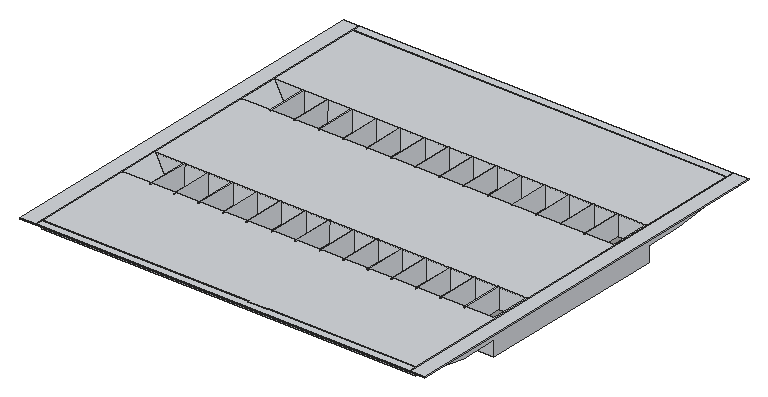
Revit family "0052601 Sylvania Lighting Fixture RANA NEO 3500LM REC 625x625 840 DALI 2L WHITE", category Lighting Fixtures, host Face, Revit 2016
Family settings
  Host = Face
  Part Type = Normal
  Round Connector Dimension = Use Diameter
  OmniClass Number = 23.80.70.00
  OmniClass Title = Lighting
  Cut with Voids When Loaded = No
  Light Source = Yes
  Shared = No
  Room Calculation Point = No
Parameters (values of type "0052601 RANA NEO 3500LM R 625 840 DALI 2L WHT")
  fin7 = 37 mm
  fin3 = 332 mm
  fin2 [instance] = 368 mm
  fin 6 = 110 mm
  fin 5 = 185 mm
  fin 4 = 258 mm
  fin 3 [instance] = 318 mm
  fin 2 = 407 mm
  fin 1 = 480 mm
  cut-out2 = 618 mm
  cut-out = 618 mm
  Width_SYL = if([600x600_SYL], 595 mm, if([625x625_SYL], 620 mm, if([1200_SYL], 296 mm, 306 mm)))  # 595 mm
  Width = 618 mm
  Weight = "n/a"
  Wattage Comments = ""
  Wattage = 193.079 W
  WarrantyStartDate [instance] = "n/a"
  WarrantyGuarantorParts = "n/a"
  WarrantyDurationUnit = "n/a"
  WarrantyDurationParts = ""
  WarrantyDescription = "http://www.sylvania-lighting.com"
  built-in parameter 1150110 = 1 (stored number, unit not read)
  Voltage = 0 V
  URL = "0.96"
  TypeName = "RANA NEO 3500LM REC 625x625 840 DALI 2L WHITE"
  Type Image = <None>
  Type Comments = "n/a"
  built-in parameter 1114217 = 1 (stored number, unit not read)
  TopWidth_SYL = if([600x600_SYL], 295 mm, if([625x625_SYL], 295 mm, if([1200_SYL], 165 mm, 165 mm)))  # 295 mm
  Tilt Angle = -90.00°
  built-in parameter 1150109 = 1 (stored number, unit not read)
  built-in parameter 1150134 = (empty or 0)
  built-in parameter 1150113 = 1 (stored number, unit not read)
  SlopeTopWidth_SYL = if([600x600_SYL], 410 mm, if([625x625_SYL], 410 mm, if([1200_SYL], 168 mm, 168 mm)))  # 410 mm
  SlopeBottomWidth_SYL = if([600x600_SYL], 593 mm, if([625x625_SYL], 593 mm, if([1200_SYL], 244 mm, 244 mm)))  # 593 mm
  SlopeHeight_SYL = if([600x600_SYL], 17 mm, if([625x625_SYL], 17 mm, if([1200_SYL], 40 mm, 40 mm)))  # 17 mm
  SerialNumber [instance] = "n/a"
  ReflectorNumber_SYL = if([1Ref_SYL], 2, if([2Ref_SYL], 2, 3))  # 2
  ReflectorLength_SYL = Length_SYL - Inset_SYL * 2 - 5 mm  # 550 mm
  ReflectorInset_SYL = if([1Ref_SYL], 82.4 mm, if([2Ref_SYL], 30 mm, 30 mm))  # 30 mm
  Photometric Web File = "0052601.ies"
  Material_3_SYL = none
  PowerFactor = 0.95
  PowerConsumption = "Lighting"
  NominalLength = 620 mm
  NominalHeight = 60 mm
  NominalDepth = 595 mm
  Name = "RANA NEO 3500LM REC 625x625 840 DALI 2L WHITE"
  ModelReference = Name  # "RANA NEO 3500LM REC 625x625 840 DALI 2L WHITE"
  ModelNumber = "0052601"
  Model = Name  # "RANA NEO 3500LM REC 625x625 840 DALI 2L WHITE"
  Material = "Feilo Sylvania"
  ManufacturerName = "113 lm/W"
  Manufacturer = ""
  LuminousEfficacy = ""
  built-in parameter 1150105 = 1536.5 (stored number, unit not read)
  Lumens = 19307.9 lm
  LuminaireType = "0"
  built-in parameter 1150115 = 1 (stored number, unit not read)
  LouverNumber_SYL = if([600x600_SYL], 14, if([625x625_SYL], 14, if([1200_SYL], 28, 28)))  # 14
  LightOutputRatio = "LED"
  built-in parameter 1150137 = (empty or 0)
  built-in parameter 1150139 = (empty or 0)
  Length_SYL = if([600x600_SYL], 595 mm, if([625x625_SYL], 620 mm, if([1200_SYL], 1196 mm, 1246 mm)))  # 595 mm
  Length = 618 mm
  LampsType = Lamp  # "n/a"
  LampNominalLuminous = "4000 K"
  LampMacAdamStep = "80"
  LampColourTemperature = "LED"
  LampColourRenderingIndex = "16500"
  built-in parameter 1150112 = 1 (stored number, unit not read)
  built-in parameter 1150114 = 1 (stored number, unit not read)
  Lamp = "n/a"
  LED position [instance] = 410 mm
  LED inside width = 165 mm
  LED inner void = 521.5 mm
  LED Width = 290 mm
  LED Length = 568 mm
  Keynote = "n/a"
  InstallationDate [instance] = "n/a"
  Inset_SYL = 20 mm  # constant formula
  InputVoltage = "0"
  InputNominalFrequency = "4000"
  built-in parameter 1150132 = (empty or 0)
  built-in parameter 1150102 = (empty or 0)
  built-in parameter 1150107 = 3000 (stored number, unit not read)
  built-in parameter 1150138 = (empty or 0)
  IngressProtection = "IfcLightFixtureType"
  ImpactProtectionIndex = "IfcLightFixtureType"
  built-in parameter 1150106 = 15.365 (stored number, unit not read)
  IfcExportType = "IfcLightFixtureType"
  IfcExportAs = "Class I"
  Height = 52 mm
  Emit from Rectangle Width = if([1Ref_SYL], 48 mm, TopWidth_SYL - 13 mm)  # 282 mm
  Emit from Rectangle Length = ReflectorLength_SYL - 8 mm  # 542 mm
  Emit Shape Visible in Rendering = no
  ElectricShockClassification = "113"
  built-in parameter 1150104 = 9.2903 (stored number, unit not read)
  DocumentationLiterature = "http://www.sylvania-lighting.com/product/en-int/products/0052601"
  DimmingControlOptions = "n/a"
  Material_2_SYL = none
  Dimming Lamp Color Temperature Shift = <None>
  Description = "-"
  Default Elevation = 1219.2 mm
  CreatedOn = "25/11/2019"
  CreatedBy = "@sylvania-lighting.com"
  Cost = 0
  Color Filter = 16777215
  built-in parameter 1114216 [instance] = (empty or 0)
  ClassificationValue = "EF_70_80"
  ClassificationName = "Uniclass2015"
  Material_1_SYL = none
  BarCode [instance] = "n/a"
  built-in parameter 1114218 = 1 (stored number, unit not read)
  built-in parameter 1150133 = 10 (stored number, unit not read)
  AssetType = "Fixed"
  AssetIdentifier [instance] = "n/a"
  Assembly Code = "D5020200"
  Apparent Load = 31 VA
  Material_4_SYL = none
  625x625_SYL = no
  600x600_SYL = yes
  2Ref_SYL = yes
  1Ref_SYL = no
  1200_SYL = no
Reference planes
  plane 1 "Center (Front/Back)": y = 0
  plane 2: z = 0
  plane 3 "Center (Left/Right)": x = 0
  plane 4: x = 60
  plane 5: x = 30
  plane 6: y = 297.5
  plane 7: y = -297.5
  plane 8: z = -120
  plane 9: z = -3
  plane 10: z = -12
  plane 11: z = -29
  plane 12: z = -52
  plane 13: y = -296.5
  plane 14: y = 296.5
  plane 15: y = 145
  plane 16: y = -145
  plane 17: y = 82.5
  plane 18: y = -82.5
  plane 19: x = -284
  plane 20: x = 284
  plane 21: y = 141
  plane 22: y = 86.5
  plane 23: x = -264
  plane 24: x = 257.5
  plane 25: x = -286
  plane 26: x = 286
  plane 27: y = -86.5
  plane 28: y = -141
  plane 29: x = 18.5
  plane 30: x = -18.5
  plane 31: x = 55
  plane 32: x = -55
  plane 33: x = 92.5
  plane 34: x = -92.5
  plane 35: x = 129
  plane 36: x = -129
  plane 37: x = 166
  plane 38: x = -166
  plane 39: x = -203.5
  plane 40: x = 203.5
  plane 41: x = -240
  plane 42: x = 240
  plane 43: x = 169.5
  plane 44: x = 162.5
  plane 45: x = 166.5
  plane 46: x = 165.5
  plane 47: x = 309
  plane 48: x = -309
  plane 49: y = 309
  plane 50: y = -309
  plane 51: x = 309
  plane 52: x = -309
  plane 53: y = 309
  plane 54: y = -309
Forms (mm)
  Extrusion 1, void
    sketch origin (0, 0, 0) x (1, 0, 0) y (0, 1, 0)
      loop
        line (-309, 309) -> (-309, -309) -> (309, -309) -> (309, 309) -> (-309, 309)
    from -120 to 97.685
  Extrusion 2, solid, detail levels medium+fine
    sketch origin (0, 0, 0) x (0, 1, 0) y (0, 0, 1)
      loop
        line (-296.5, 0) -> (-296.5, -12) -> (-205, -29) -> (-147.5, -29) -> (-147.5, -52) -> (147.5, -52) -> (147.5, -29) -> (205, -29) -> (296.5, -17.514) -> (296.5, 0) -> (-296.5, 0)
    from -286 to 286
  Extrusion 3, solid, detail levels medium+fine
    sketch origin (275, 1524, 1219.2) x (0, 1, 0) y (0, 0, 1)
      loop
        line (-1226.5, -1222.2) -> (-1226.5, -1219.2) -> (-1820.5, -1219.2) -> (-1820.5, -1222.2) -> (-1226.5, -1222.2)
    from 11 to -215
  Extrusion 4, solid, detail levels medium+fine
    sketch origin (-275, 1524, 1219.2) x (0, 1, 0) y (0, 0, 1)
      loop
        line (-1820.5, -1222.2) -> (-1227.5, -1222.2) -> (-1227.5, -1219.2) -> (-1820.5, -1219.2) -> (-1820.5, -1222.2)
    from -11 to 305
  Extrusion 5, solid, detail levels medium+fine
    sketch origin (0, 0, 0) x (0, 1, 0) y (0, 0, 1)
      loop
        line (-297.5, 0) -> (-297.5, -3) -> (-296.5, -3) -> (-296.5, 0) -> (-297.5, 0)
      loop
        line (297.5, -3) -> (297.5, 0) -> (296.5, 0) -> (296.5, -3) -> (297.5, -3)
    from 30 to 60
  Blend 6, void
    base sketch origin (0, 0, 0) x (1, 0, 0) y (0, 1, 0)
      loop
        line (-284, 145) -> (-284, 82.5) -> (284, 82.5) -> (284, 145) -> (-284, 145)
    top sketch origin (0, 0, 0) x (1, 0, 0) y (0, 1, 0)
      loop
        line (-264, 141) -> (-264, 86.5) -> (257.5, 86.5) -> (257.5, 141) -> (-264, 141)
    from 0 to -29
  Blend 7, void
    base sketch origin (0, 0, 0) x (1, 0, 0) y (0, 1, 0)
      loop
        line (-284, -82.5) -> (-284, -145) -> (284, -145) -> (284, -82.5) -> (-284, -82.5)
    top sketch origin (0, 0, 0) x (1, 0, 0) y (0, 1, 0)
      loop
        line (257.5, -86.5) -> (-264, -86.5) -> (-264, -141) -> (257.5, -141) -> (257.5, -86.5)
    from 0 to -29
  Extrusion 8, solid, detail levels fine
    sketch origin (0, 0, 0) x (1, 0, 0) y (0, 0, 1)
      loop
        line (162.5, -29) -> (169.5, -29) -> (166.5, 0) -> (165.5, 0) -> (162.5, -29)
    from -145 to -82.5
  Extrusion 9, solid, detail levels fine
    sketch origin (37.5, 0, 0) x (1, 0, 0) y (0, 0, 1)
      loop
        line (162.5, -29) -> (169.5, -29) -> (166.5, 0) -> (165.5, 0) -> (162.5, -29)
    from -145 to -82.5
  Extrusion 10, solid, detail levels fine
    sketch origin (74, 0, 0) x (1, 0, 0) y (0, 0, 1)
      loop
        line (162.5, -29) -> (169.5, -29) -> (166.5, 0) -> (165.5, 0) -> (162.5, -29)
    from -145 to -82.5
  Extrusion 11, solid, detail levels fine
    sketch origin (-37, 0, 0) x (1, 0, 0) y (0, 0, 1)
      loop
        line (162.5, -29) -> (169.5, -29) -> (166.5, 0) -> (165.5, 0) -> (162.5, -29)
    from -145 to -82.5
  Extrusion 12, solid, detail levels fine
    sketch origin (-73.5, 0, 0) x (1, 0, 0) y (0, 0, 1)
      loop
        line (162.5, -29) -> (169.5, -29) -> (166.5, 0) -> (165.5, 0) -> (162.5, -29)
    from -145 to -82.5
  Extrusion 13, solid, detail levels fine
    sketch origin (-111, 0, 0) x (1, 0, 0) y (0, 0, 1)
      loop
        line (162.5, -29) -> (169.5, -29) -> (166.5, 0) -> (165.5, 0) -> (162.5, -29)
    from -145 to -82.5
  Extrusion 14, solid, detail levels fine
    sketch origin (-147.5, 0, 0) x (1, 0, 0) y (0, 0, 1)
      loop
        line (162.5, -29) -> (169.5, -29) -> (166.5, 0) -> (165.5, 0) -> (162.5, -29)
    from -145 to -82.5
  Extrusion 15, solid, detail levels fine
    sketch origin (-184.5, 0, 0) x (1, 0, 0) y (0, 0, 1)
      loop
        line (162.5, -29) -> (169.5, -29) -> (166.5, 0) -> (165.5, 0) -> (162.5, -29)
    from -145 to -82.5
  Extrusion 16, solid, detail levels fine
    sketch origin (-221, 0, 0) x (1, 0, 0) y (0, 0, 1)
      loop
        line (162.5, -29) -> (169.5, -29) -> (166.5, 0) -> (165.5, 0) -> (162.5, -29)
    from -145 to -82.5
  Extrusion 17, solid, detail levels fine
    sketch origin (-258.5, 0, 0) x (1, 0, 0) y (0, 0, 1)
      loop
        line (162.5, -29) -> (169.5, -29) -> (166.5, 0) -> (165.5, 0) -> (162.5, -29)
    from -145 to -82.5
  Extrusion 18, solid, detail levels fine
    sketch origin (-295, 0, 0) x (1, 0, 0) y (0, 0, 1)
      loop
        line (162.5, -29) -> (169.5, -29) -> (166.5, 0) -> (165.5, 0) -> (162.5, -29)
    from -145 to -82.5
  Extrusion 19, solid, detail levels fine
    sketch origin (-332, 0, 0) x (1, 0, 0) y (0, 0, 1)
      loop
        line (162.5, -29) -> (169.5, -29) -> (166.5, 0) -> (165.5, 0) -> (162.5, -29)
    from -145 to -82.5
  Extrusion 20, solid, detail levels fine
    sketch origin (-369.5, 0, 0) x (1, 0, 0) y (0, 0, 1)
      loop
        line (162.5, -29) -> (169.5, -29) -> (166.5, 0) -> (165.5, 0) -> (162.5, -29)
    from -145 to -82.5
  Extrusion 21, solid, detail levels fine
    sketch origin (-406, 0, 0) x (1, 0, 0) y (0, 0, 1)
      loop
        line (162.5, -29) -> (169.5, -29) -> (166.5, 0) -> (165.5, 0) -> (162.5, -29)
    from -145 to -82.5
  Extrusion 22, solid, detail levels fine
    sketch origin (-406.072, 0, -0.017) x (1, 0, 0) y (0, 0, 1)
      loop
        line (162.5, -29) -> (169.5, -29) -> (166.5, 0) -> (165.5, 0) -> (162.5, -29)
    from 82.5 to 147.5
  Extrusion 23, solid, detail levels fine
    sketch origin (-369.572, 0, -0.017) x (1, 0, 0) y (0, 0, 1)
      loop
        line (162.5, -29) -> (169.5, -29) -> (166.5, 0) -> (165.5, 0) -> (162.5, -29)
    from 82.5 to 147.5
  Extrusion 24, solid, detail levels fine
    sketch origin (-331.998, 0, -0.017) x (1, 0, 0) y (0, 0, 1)
      loop
        line (162.5, -29) -> (169.5, -29) -> (166.5, 0) -> (165.5, 0) -> (162.5, -29)
    from 82.5 to 147.5
  Extrusion 25, solid, detail levels fine
    sketch origin (-294.998, 0, -0.017) x (1, 0, 0) y (0, 0, 1)
      loop
        line (162.5, -29) -> (169.5, -29) -> (166.5, 0) -> (165.5, 0) -> (162.5, -29)
    from 82.5 to 147.5
  Extrusion 26, solid, detail levels fine
    sketch origin (-258.498, 0, -0.017) x (1, 0, 0) y (0, 0, 1)
      loop
        line (162.5, -29) -> (169.5, -29) -> (166.5, 0) -> (165.5, 0) -> (162.5, -29)
    from 82.5 to 147.5
  Extrusion 27, solid, detail levels fine
    sketch origin (-221, 0, -0.017) x (1, 0, 0) y (0, 0, 1)
      loop
        line (162.5, -29) -> (169.5, -29) -> (166.5, 0) -> (165.5, 0) -> (162.5, -29)
    from 82.5 to 147.5
  Extrusion 28, solid, detail levels fine
    sketch origin (-184.5, 0, -0.017) x (1, 0, 0) y (0, 0, 1)
      loop
        line (162.5, -29) -> (169.5, -29) -> (166.5, 0) -> (165.5, 0) -> (162.5, -29)
    from 82.5 to 147.5
  Extrusion 29, solid, detail levels fine
    sketch origin (-147.5, 0, -0.017) x (1, 0, 0) y (0, 0, 1)
      loop
        line (162.5, -29) -> (169.5, -29) -> (166.5, 0) -> (165.5, 0) -> (162.5, -29)
    from 82.5 to 147.5
  Extrusion 30, solid, detail levels fine
    sketch origin (-111, 0, -0.017) x (1, 0, 0) y (0, 0, 1)
      loop
        line (162.5, -29) -> (169.5, -29) -> (166.5, 0) -> (165.5, 0) -> (162.5, -29)
    from 82.5 to 147.5
  Extrusion 31, solid, detail levels fine
    sketch origin (-73.5, 0, -0.017) x (1, 0, 0) y (0, 0, 1)
      loop
        line (162.5, -29) -> (169.5, -29) -> (166.5, 0) -> (165.5, 0) -> (162.5, -29)
    from 82.5 to 147.5
  Extrusion 32, solid, detail levels fine
    sketch origin (-37, 0, -0.017) x (1, 0, 0) y (0, 0, 1)
      loop
        line (162.5, -29) -> (169.5, -29) -> (166.5, 0) -> (165.5, 0) -> (162.5, -29)
    from 82.5 to 147.5
  Extrusion 33, solid, detail levels fine
    sketch origin (0, 0, -0.017) x (1, 0, 0) y (0, 0, 1)
      loop
        line (162.5, -29) -> (169.5, -29) -> (166.5, 0) -> (165.5, 0) -> (162.5, -29)
    from 82.5 to 147.5
  Extrusion 34, solid, detail levels fine
    sketch origin (37.5, 0, -0.017) x (1, 0, 0) y (0, 0, 1)
      loop
        line (162.5, -29) -> (169.5, -29) -> (166.5, 0) -> (165.5, 0) -> (162.5, -29)
    from 82.5 to 147.5
  Extrusion 35, solid, detail levels fine
    sketch origin (74, 0, -0.017) x (1, 0, 0) y (0, 0, 1)
      loop
        line (162.5, -29) -> (169.5, -29) -> (166.5, 0) -> (165.5, 0) -> (162.5, -29)
    from 82.5 to 147.5
  Extrusion 36, solid, material "Glass, White, High Luminance", detail levels fine
    sketch origin (0, 0, 0) x (1, 0, 0) y (0, 1, 0)
      loop
        line (-264, 141) -> (-264, 86.5) -> (257.5, 86.5) -> (257.5, 141) -> (-264, 141)
    from -29 to -28
  Extrusion 37, solid, material "Glass, White, High Luminance", detail levels fine
    sketch origin (0, 0, 0) x (1, 0, 0) y (0, 1, 0)
      loop
        line (-264, -86.5) -> (-264, -141) -> (257.5, -141) -> (257.5, -86.5) -> (-264, -86.5)
    from -29 to -28
  Extrusion 38, solid, detail levels coarse
    sketch origin (0, 0, 0) x (1, 0, 0) y (0, 1, 0)
      loop
        line (-309, 309) -> (-309, -309) -> (309, -309) -> (309, 309) -> (-309, 309)
    from -52 to 0
  Extrusion 39, solid, detail levels medium+fine
    sketch origin (0, 0, 0) x (1, 0, 0) y (0, 1, 0)
      loop
        line (-309, 309) -> (-309, -309) -> (-286, -309) -> (-286, 309) -> (-309, 309)
    from -1.177 to 0.023
  Extrusion 40, solid, detail levels medium+fine
    sketch origin (0, 0, 0) x (1, 0, 0) y (0, 1, 0)
      loop
        line (309, 309) -> (286, 309) -> (286, -309) -> (309, -309) -> (309, 309)
    from 0 to -1.2
  Extrusion 41, solid, detail levels medium+fine
    sketch origin (0, 1219.2, 38) x (1, 0, 0) y (0, 1, 0)
      loop
        line (286, -1528.2) -> (286, -1515.7) -> (-286, -1515.7) -> (-286, -1528.2) -> (286, -1528.2)
    from -39.177 to -38
  Extrusion 42, solid, detail levels medium+fine
    sketch origin (0, 1219.2, 38) x (1, 0, 0) y (0, 1, 0)
      loop
        line (-286, -910.2) -> (-286, -922.7) -> (286, -922.7) -> (286, -910.2) -> (-286, -910.2)
    from -39.177 to -38
Cuts and joins
  Blend 6, Blend 7 cuts Extrusion 2
  Blend 6, Blend 7 cuts Extrusion 3
  Blend 6, Blend 7 cuts Extrusion 4
  Blend 6, Blend 7 cuts Extrusion 5
  joined: Extrusion 2, Extrusion 3, Extrusion 4, Extrusion 5
Dimensions and locks
  locked: plane 2 to plane 8 at 120
  locked: plane 2 to plane 9 at 3
  locked: plane 2 to plane 10 at 12
  "SlopeHeight_SYL": plane 11 to plane 10
  "Height": plane 2 to plane 12
  equal spacing: plane 13, plane 1 "Center (Front/Back)", plane 14
  "SlopeBottomWidth_SYL": plane 13 to plane 14
  "LED Width": plane 15 to plane 16
  equal spacing: plane 15, plane 1 "Center (Front/Back)", plane 16
  "LED inside width": plane 17 to plane 18
  equal spacing: plane 17, plane 1 "Center (Front/Back)", plane 18
  "LED Length": plane 19 to plane 20
  equal spacing: plane 19, plane 3 "Center (Left/Right)", plane 20
  "LED inner void": plane 23 to plane 24
  "fin7": plane 29 to plane 30
  equal spacing: plane 29, plane 3 "Center (Left/Right)", plane 30
  "fin 6": plane 31 to plane 32
  equal spacing: plane 31, plane 3 "Center (Left/Right)", plane 32
  "fin 5": plane 33 to plane 34
  equal spacing: plane 33, plane 3 "Center (Left/Right)", plane 34
  "fin 4": plane 35 to plane 36
  equal spacing: plane 35, plane 3 "Center (Left/Right)", plane 36
  "fin 2": plane 40 to plane 39
  equal spacing: plane 40, plane 3 "Center (Left/Right)", plane 39
  "fin3": plane 37 to plane 38
  equal spacing: plane 37, plane 3 "Center (Left/Right)", plane 38
  "fin 1": plane 42 to plane 41
  equal spacing: plane 42, plane 3 "Center (Left/Right)", plane 41
  "ReflectorInset_SYL": plane 5 to plane 4
  equal spacing: plane 3 "Center (Left/Right)", plane 5, plane 4
  "Length": plane 48 to plane 47
  equal spacing: plane 48, plane 3 "Center (Left/Right)", plane 47
  "Width": plane 49 to plane 50
  equal spacing: plane 49, plane 1 "Center (Front/Back)", plane 50
  "cut-out": plane 52 to plane 51
  equal spacing: plane 52, plane 3 "Center (Left/Right)", plane 51
  "cut-out2": plane 53 to plane 54
  equal spacing: plane 53, plane 1 "Center (Front/Back)", plane 54
  aligned and locked: plane 2 to host face
  aligned and locked: level to host face
  aligned and locked: plane 10 to Extrusion 2 sketch curve
  aligned and locked: plane 12 to Extrusion 2 sketch curve
  aligned and locked: plane 11 to Extrusion 2 sketch curve  (x2)
  aligned and locked: Extrusion 2 sketch curve to level
  aligned and locked: plane 6 to Extrusion 3 sketch curve
  aligned and locked: plane 4 to Extrusion 3
  aligned and locked: Extrusion 4 sketch curve to cut or joined group of Extrusion 2, Extrusion 3, Extrusion 4, Extrusion 5, Blend 6, Blend 7
  aligned and locked: Extrusion 4 to plane 5
  aligned and locked: Extrusion 4 to Extrusion 2
  aligned and locked: plane 14 to Extrusion 2 sketch curve
  aligned and locked: plane 13 to Extrusion 2 sketch curve
  aligned and locked: Extrusion 5 sketch curve to level  (x2)
  aligned and locked: Extrusion 5 sketch curve to plane 7
  aligned and locked: cut or joined group of Extrusion 2, Extrusion 3, Extrusion 4, Extrusion 5, Blend 6, Blend 7 to Extrusion 5 sketch curve
  aligned and locked: Extrusion 5 sketch curve to cut or joined group of Extrusion 2, Extrusion 3, Extrusion 4, Extrusion 5, Blend 6, Blend 7  (x2)
  aligned and locked: Extrusion 5 to plane 5
  aligned and locked: plane 4 to Extrusion 5
Automatic sketch dimensions
  host sketch curve to host sketch curve = 1219.2 mm
  host sketch curve to host sketch curve = 1211.616 mm
  Extrusion 2 sketch curve to plane 16 = 60 mm
  Extrusion 2 sketch curve to plane 16 = 2.5 mm
  plane 15 to Extrusion 2 sketch curve = 2.5 mm
  Extrusion 2 sketch curve to Extrusion 2 sketch curve = 57.5 mm
  plane 10 to Extrusion 2 sketch curve = 5.514 mm
  plane 9 to Extrusion 3 sketch curve = 0 mm
  Extrusion 3 sketch curve to plane 13 = 0 mm
  Blend 6 sketch curve to plane 17 = 0 mm
  Blend 6 sketch curve to plane 19 = 0 mm
  Blend 6 sketch curve to plane 20 = 0 mm
  Blend 6 sketch curve to plane 15 = 0 mm
  Blend 6 sketch curve to plane 22 = 0 mm
  Blend 6 sketch curve to plane 23 = 0 mm
  Blend 6 sketch curve to plane 24 = 0 mm
  Blend 6 sketch curve to plane 21 = 0 mm
  Blend 7 sketch curve to plane 16 = 0 mm
  Blend 7 sketch curve to plane 19 = 0 mm
  Blend 7 sketch curve to plane 20 = 0 mm
  Blend 7 sketch curve to plane 18 = 0 mm
  Blend 7 sketch curve to plane 23 = 0 mm
  Blend 7 sketch curve to plane 24 = 0 mm
  Blend 7 sketch curve to plane 28 = 0 mm
  Blend 7 sketch curve to plane 27 = 0 mm
  Extrusion 8 sketch curve to plane 11 = 0 mm
  Extrusion 8 sketch curve to plane 44 = 0 mm
  Extrusion 8 sketch curve to level = 0 mm
  Extrusion 8 sketch curve to plane 46 = 0 mm
  Extrusion 8 sketch curve to plane 45 = 0 mm
  Extrusion 8 sketch curve to plane 43 = 0 mm
  Extrusion 9 sketch curve to plane 11 = 0 mm
  Extrusion 9 sketch curve to level = 0 mm
  Extrusion 9 sketch curve to plane 40 = 3.5 mm
  Extrusion 9 sketch curve to plane 40 = 0.5 mm
  plane 40 to Extrusion 9 sketch curve = 0.5 mm
  plane 40 to Extrusion 9 sketch curve = 3.5 mm
  Extrusion 10 sketch curve to plane 11 = 0 mm
  Extrusion 10 sketch curve to level = 0 mm
  Extrusion 10 sketch curve to plane 42 = 3.5 mm
  Extrusion 10 sketch curve to plane 42 = 0.5 mm
  plane 42 to Extrusion 10 sketch curve = 0.5 mm
  plane 42 to Extrusion 10 sketch curve = 3.5 mm
  Extrusion 11 sketch curve to plane 11 = 0 mm
  Extrusion 11 sketch curve to level = 0 mm
  Extrusion 11 sketch curve to plane 35 = 3.5 mm
  Extrusion 11 sketch curve to plane 35 = 0.5 mm
  plane 35 to Extrusion 11 sketch curve = 0.5 mm
  plane 35 to Extrusion 11 sketch curve = 3.5 mm
  Extrusion 12 sketch curve to plane 11 = 0 mm
  Extrusion 12 sketch curve to level = 0 mm
  Extrusion 12 sketch curve to plane 33 = 3.5 mm
  Extrusion 12 sketch curve to plane 33 = 0.5 mm
  plane 33 to Extrusion 12 sketch curve = 0.5 mm
  plane 33 to Extrusion 12 sketch curve = 3.5 mm
  Extrusion 13 sketch curve to plane 11 = 0 mm
  Extrusion 13 sketch curve to level = 0 mm
  Extrusion 13 sketch curve to plane 31 = 3.5 mm
  Extrusion 13 sketch curve to plane 31 = 0.5 mm
  plane 31 to Extrusion 13 sketch curve = 0.5 mm
  plane 31 to Extrusion 13 sketch curve = 3.5 mm
  Extrusion 14 sketch curve to plane 11 = 0 mm
  Extrusion 14 sketch curve to level = 0 mm
  Extrusion 14 sketch curve to plane 29 = 3.5 mm
  Extrusion 14 sketch curve to plane 29 = 0.5 mm
  plane 29 to Extrusion 14 sketch curve = 0.5 mm
  plane 29 to Extrusion 14 sketch curve = 3.5 mm
  Extrusion 15 sketch curve to plane 11 = 0 mm
  Extrusion 15 sketch curve to level = 0 mm
  Extrusion 15 sketch curve to plane 30 = 3.5 mm
  Extrusion 15 sketch curve to plane 30 = 0.5 mm
  plane 30 to Extrusion 15 sketch curve = 0.5 mm
  plane 30 to Extrusion 15 sketch curve = 3.5 mm
  Extrusion 16 sketch curve to plane 11 = 0 mm
  Extrusion 16 sketch curve to level = 0 mm
  Extrusion 16 sketch curve to plane 32 = 3.5 mm
  Extrusion 16 sketch curve to plane 32 = 0.5 mm
  plane 32 to Extrusion 16 sketch curve = 0.5 mm
  plane 32 to Extrusion 16 sketch curve = 3.5 mm
  Extrusion 17 sketch curve to plane 11 = 0 mm
  Extrusion 17 sketch curve to level = 0 mm
  Extrusion 17 sketch curve to plane 34 = 3.5 mm
  Extrusion 17 sketch curve to plane 34 = 0.5 mm
  plane 34 to Extrusion 17 sketch curve = 0.5 mm
  plane 34 to Extrusion 17 sketch curve = 3.5 mm
  Extrusion 18 sketch curve to plane 11 = 0 mm
  Extrusion 18 sketch curve to level = 0 mm
  Extrusion 18 sketch curve to plane 36 = 3.5 mm
  Extrusion 18 sketch curve to plane 36 = 0.5 mm
  plane 36 to Extrusion 18 sketch curve = 0.5 mm
  plane 36 to Extrusion 18 sketch curve = 3.5 mm
  Extrusion 19 sketch curve to plane 11 = 0 mm
  Extrusion 19 sketch curve to level = 0 mm
  Extrusion 19 sketch curve to plane 38 = 3.5 mm
  Extrusion 19 sketch curve to plane 38 = 0.5 mm
  plane 38 to Extrusion 19 sketch curve = 0.5 mm
  plane 38 to Extrusion 19 sketch curve = 3.5 mm
  Extrusion 20 sketch curve to plane 11 = 0 mm
  Extrusion 20 sketch curve to level = 0 mm
  Extrusion 20 sketch curve to plane 39 = 3.5 mm
  Extrusion 20 sketch curve to plane 39 = 0.5 mm
  plane 39 to Extrusion 20 sketch curve = 0.5 mm
  plane 39 to Extrusion 20 sketch curve = 3.5 mm
  Extrusion 21 sketch curve to plane 11 = 0 mm
  Extrusion 21 sketch curve to level = 0 mm
  Extrusion 21 sketch curve to plane 41 = 3.5 mm
  Extrusion 21 sketch curve to plane 41 = 0.5 mm
  plane 41 to Extrusion 21 sketch curve = 0.5 mm
  plane 41 to Extrusion 21 sketch curve = 3.5 mm
  plane 11 to Extrusion 22 sketch curve = 0.017 mm
  Extrusion 22 sketch curve to plane 41 = 3.572 mm
  Extrusion 22 sketch curve to level = 0.017 mm
  Extrusion 22 sketch curve to plane 41 = 0.572 mm
  plane 41 to Extrusion 22 sketch curve = 0.428 mm
  plane 41 to Extrusion 22 sketch curve = 3.428 mm
  plane 11 to Extrusion 23 sketch curve = 0.017 mm
  Extrusion 23 sketch curve to plane 39 = 3.572 mm
  Extrusion 23 sketch curve to level = 0.017 mm
  Extrusion 23 sketch curve to plane 39 = 0.572 mm
  plane 39 to Extrusion 23 sketch curve = 0.428 mm
  plane 39 to Extrusion 23 sketch curve = 3.428 mm
  plane 11 to Extrusion 24 sketch curve = 0.017 mm
  Extrusion 24 sketch curve to plane 38 = 3.498 mm
  Extrusion 24 sketch curve to level = 0.017 mm
  Extrusion 24 sketch curve to plane 38 = 0.498 mm
  plane 38 to Extrusion 24 sketch curve = 0.502 mm
  plane 38 to Extrusion 24 sketch curve = 3.502 mm
  plane 11 to Extrusion 25 sketch curve = 0.017 mm
  Extrusion 25 sketch curve to plane 36 = 3.498 mm
  Extrusion 25 sketch curve to level = 0.017 mm
  Extrusion 25 sketch curve to plane 36 = 0.498 mm
  plane 36 to Extrusion 25 sketch curve = 0.502 mm
  plane 36 to Extrusion 25 sketch curve = 3.502 mm
  plane 11 to Extrusion 26 sketch curve = 0.017 mm
  Extrusion 26 sketch curve to plane 34 = 3.498 mm
  Extrusion 26 sketch curve to level = 0.017 mm
  Extrusion 26 sketch curve to plane 34 = 0.498 mm
  plane 34 to Extrusion 26 sketch curve = 0.502 mm
  plane 34 to Extrusion 26 sketch curve = 3.502 mm
  plane 11 to Extrusion 27 sketch curve = 0.017 mm
  Extrusion 27 sketch curve to plane 32 = 3.5 mm
  Extrusion 27 sketch curve to level = 0.017 mm
  Extrusion 27 sketch curve to plane 32 = 0.5 mm
  plane 32 to Extrusion 27 sketch curve = 0.5 mm
  plane 32 to Extrusion 27 sketch curve = 3.5 mm
  plane 11 to Extrusion 28 sketch curve = 0.017 mm
  Extrusion 28 sketch curve to plane 30 = 3.5 mm
  Extrusion 28 sketch curve to level = 0.017 mm
  Extrusion 28 sketch curve to plane 30 = 0.5 mm
  plane 30 to Extrusion 28 sketch curve = 0.5 mm
  plane 30 to Extrusion 28 sketch curve = 3.5 mm
  plane 11 to Extrusion 29 sketch curve = 0.017 mm
  Extrusion 29 sketch curve to plane 29 = 3.5 mm
  Extrusion 29 sketch curve to level = 0.017 mm
  Extrusion 29 sketch curve to plane 29 = 0.5 mm
  plane 29 to Extrusion 29 sketch curve = 0.5 mm
  plane 29 to Extrusion 29 sketch curve = 3.5 mm
  plane 11 to Extrusion 30 sketch curve = 0.017 mm
  Extrusion 30 sketch curve to plane 31 = 3.5 mm
  Extrusion 30 sketch curve to level = 0.017 mm
  Extrusion 30 sketch curve to plane 31 = 0.5 mm
  plane 31 to Extrusion 30 sketch curve = 0.5 mm
  plane 31 to Extrusion 30 sketch curve = 3.5 mm
  plane 11 to Extrusion 31 sketch curve = 0.017 mm
  Extrusion 31 sketch curve to plane 33 = 3.5 mm
  Extrusion 31 sketch curve to level = 0.017 mm
  Extrusion 31 sketch curve to plane 33 = 0.5 mm
  plane 33 to Extrusion 31 sketch curve = 0.5 mm
  plane 33 to Extrusion 31 sketch curve = 3.5 mm
  plane 11 to Extrusion 32 sketch curve = 0.017 mm
  Extrusion 32 sketch curve to plane 35 = 3.5 mm
  Extrusion 32 sketch curve to level = 0.017 mm
  Extrusion 32 sketch curve to plane 35 = 0.5 mm
  plane 35 to Extrusion 32 sketch curve = 0.5 mm
  plane 35 to Extrusion 32 sketch curve = 3.5 mm
  Extrusion 33 sketch curve to plane 44 = 0 mm
  Extrusion 33 sketch curve to plane 46 = 0 mm
  Extrusion 33 sketch curve to plane 45 = 0 mm
  Extrusion 33 sketch curve to plane 43 = 0 mm
  plane 11 to Extrusion 33 sketch curve = 0.017 mm
  Extrusion 33 sketch curve to level = 0.017 mm
  plane 11 to Extrusion 34 sketch curve = 0.017 mm
  Extrusion 34 sketch curve to plane 40 = 3.5 mm
  Extrusion 34 sketch curve to level = 0.017 mm
  Extrusion 34 sketch curve to plane 40 = 0.5 mm
  plane 40 to Extrusion 34 sketch curve = 0.5 mm
  plane 40 to Extrusion 34 sketch curve = 3.5 mm
  plane 11 to Extrusion 35 sketch curve = 0.017 mm
  Extrusion 35 sketch curve to plane 42 = 3.5 mm
  Extrusion 35 sketch curve to level = 0.017 mm
  Extrusion 35 sketch curve to plane 42 = 0.5 mm
  plane 42 to Extrusion 35 sketch curve = 0.5 mm
  plane 42 to Extrusion 35 sketch curve = 3.5 mm
  Extrusion 36 sketch curve to plane 22 = 0 mm
  Extrusion 36 sketch curve to plane 23 = 0 mm
  Extrusion 36 sketch curve to plane 24 = 0 mm
  Extrusion 36 sketch curve to plane 21 = 0 mm
  Extrusion 37 sketch curve to plane 23 = 0 mm
  Extrusion 37 sketch curve to plane 24 = 0 mm
  Extrusion 37 sketch curve to plane 28 = 0 mm
  Extrusion 37 sketch curve to plane 27 = 0 mm
  Extrusion 38 sketch curve to plane 5 = 339 mm
  plane 4 to Extrusion 38 sketch curve = 249 mm
  plane 7 to Extrusion 38 sketch curve = 11.5 mm
  Extrusion 38 sketch curve to plane 6 = 11.5 mm
  plane 13 to Extrusion 39 sketch curve = 12.5 mm
  Extrusion 39 sketch curve to plane 48 = 0 mm
  Extrusion 39 sketch curve to plane 25 = 0 mm
  Extrusion 39 sketch curve to plane 6 = 11.5 mm
  Extrusion 40 sketch curve to plane 6 = 11.5 mm
  Extrusion 40 sketch curve to plane 26 = 0 mm
  plane 13 to Extrusion 40 sketch curve = 12.5 mm
  Extrusion 40 sketch curve to plane 47 = 0 mm
  Extrusion 3 sketch curve to level = 0 mm
  Extrusion 4 sketch curve to plane 13 = 0 mm
  Extrusion 4 sketch curve to level = 0 mm
  Extrusion 4 sketch curve to plane 14 = 0 mm
  Extrusion 5 sketch curve to plane 13 = 0 mm
  Extrusion 5 sketch curve to plane 14 = 0 mm
  Extrusion 41 sketch curve to plane 25 = 0 mm
  Extrusion 41 sketch curve to plane 26 = 0 mm
  Extrusion 41 sketch curve to plane 50 = 0 mm
  plane 13 to Extrusion 41 sketch curve = 0 mm
  plane 14 to Extrusion 42 sketch curve = 0 mm
  Extrusion 42 sketch curve to plane 25 = 0 mm
  Extrusion 42 sketch curve to plane 26 = 0 mm
  Extrusion 42 sketch curve to plane 49 = 0 mm
  plane 4 to Extrusion 1 sketch curve = 249 mm
  Extrusion 1 sketch curve to plane 5 = 339 mm
  plane 7 to Extrusion 1 sketch curve = 11.5 mm
  Extrusion 1 sketch curve to plane 6 = 11.5 mm
Connectors
  electrical at (0, 0, -52), driven by "Voltage", driven by "Apparent Load", driven by "PowerFactor"
    settings: on cut or joined group of Extrusion 2, Extrusion 3, Extrusion 4, Extrusion 5, Blend 6, Blend 7, index 1, voltage 0 V, apparent load 31 VA, apparent load phase1 0 VA, apparent load phase2 0 VA, apparent load phase3 0 VA, power factor 0.95, load classification "Lighting", number of poles 1, system type 30, power factor state 1, is connector primary yes, connector utility no, sub classification motor no, connector description ""
